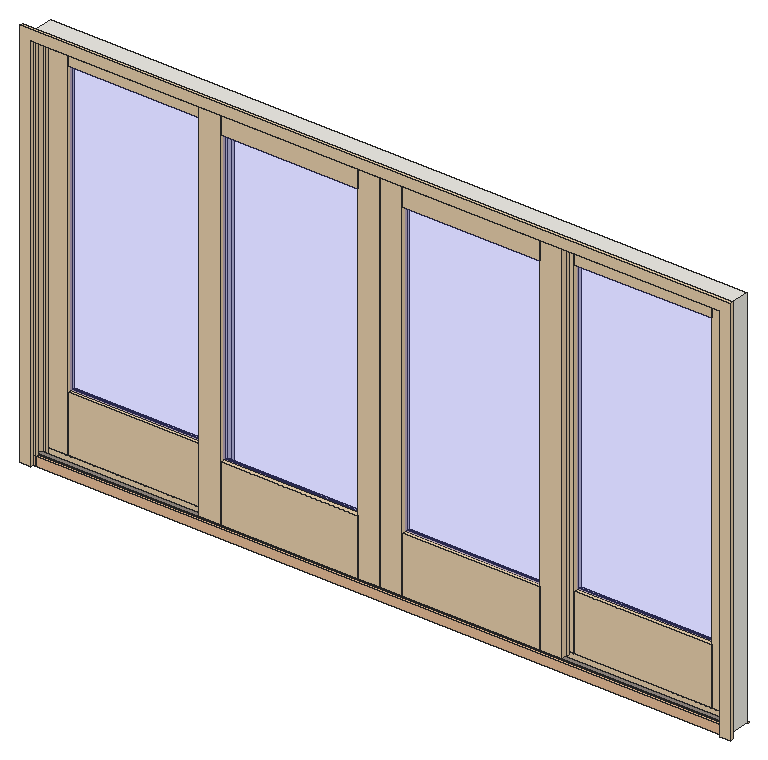
Revit family "Door-Gliding-Andersen-E_Series-Quad-no-Mullions", category Doors, host Wall, Revit 2019 (continued)
Definition of nested family "Gliding_Panel"
  Nested families (in)
    nested 4: "Andersen Grille Bar" at (0, 0.5, 17.54688) x (0, 0, 1) z (0, 1, 0), Bar Length <- "H DLO", visible <- "BS S H", Bar Width <- "Grille Bar Size", type "Andersen Grille Bar"
      with Glass / 2 0' - 0 3/16", Glass 0' - 0 3/4", Center Line Length 2' - 5 1/4", Center Line 2, Bar Width 0' - 0 7/8", Bar Length 2' - 5 1/4"
    nested 5: "Andersen Grille Bar" at (0, 0.5, 9.92969) x (0, 0, 1) z (0, 1, 0), Bar Length <- "H DLO", visible <- "BS M H", Bar Width <- "Grille Bar Size", type "Andersen Grille Bar"
      with Glass / 2 0' - 0 3/16", Glass 0' - 0 3/4", Center Line Length 2' - 5 1/4", Center Line 2, Bar Width 0' - 0 7/8", Bar Length 2' - 5 1/4"
    nested 6: "Andersen Grille Bar" at (0, 0.5, 42) x (-1, 0, 0) z (0, 1, 0), Bar Length <- "TS V Bar Length", visible <- "TS S V", Bar Width <- "Grille Bar Size", type "Andersen Grille Bar"
      with Glass / 2 0' - 0 3/16", Glass 0' - 0 3/4", Center Line Length 6' - 6 1/2", Center Line 2, Bar Width 0' - 0 7/8", Bar Length 6' - 6 1/2"
    nested 7: "Andersen Grille Bar" at (-5.02083, 0.5, 42) x (-1, 0, 0) z (0, 1, 0), Bar Length <- "TS V Bar Length", visible <- "TS M V", Bar Width <- "Grille Bar Size", type "Andersen Grille Bar"
      with Glass / 2 0' - 0 3/16", Glass 0' - 0 3/4", Center Line Length 6' - 6 1/2", Center Line 2, Bar Width 0' - 0 7/8", Bar Length 6' - 6 1/2"
    nested 8: "Andersen Grille Bar" at (5.02083, 0.5, 42) x (-1, 0, 0) z (0, 1, 0), Bar Length <- "TS V Bar Length", visible <- "TS M V", Bar Width <- "Grille Bar Size", type "Andersen Grille Bar"
      with Glass / 2 0' - 0 3/16", Glass 0' - 0 3/4", Center Line Length 6' - 6 1/2", Center Line 2, Bar Width 0' - 0 7/8", Bar Length 6' - 6 1/2"
    nested 9: "Andersen Grille Bar" at (0, 0.5, 17.54687) x (-1, 0, 0) z (0, 1, 0), Bar Length <- "BS V DLO", visible <- "BS S V", Bar Width <- "Grille Bar Size", type "Andersen Grille Bar"
      with Glass / 2 0' - 0 3/16", Glass 0' - 0 3/4", Center Line Length 2' - 5 19/32", Center Line 2, Bar Width 0' - 0 7/8", Bar Length 2' - 5 19/32"
    nested 10: "Andersen Grille Bar" at (-5.02083, 0.5, 17.54687) x (-1, 0, 0) z (0, 1, 0), Bar Length <- "BS V DLO", visible <- "BS M V", Bar Width <- "Grille Bar Size", type "Andersen Grille Bar"
      with Glass / 2 0' - 0 3/16", Glass 0' - 0 3/4", Center Line Length 2' - 5 19/32", Center Line 2, Bar Width 0' - 0 7/8", Bar Length 2' - 5 19/32"
    nested 11: "Andersen Grille Bar" at (5.02083, 0.5, 17.54687) x (-1, 0, 0) z (0, 1, 0), Bar Length <- "BS V DLO", visible <- "BS M V", Bar Width <- "Grille Bar Size", type "Andersen Grille Bar"
      with Glass / 2 0' - 0 3/16", Glass 0' - 0 3/4", Center Line Length 2' - 5 19/32", Center Line 2, Bar Width 0' - 0 7/8", Bar Length 2' - 5 19/32"
    nested 12: "Andersen Grille Bar" at (0, 0.5, 42) x (0, 0, 1) z (0, 1, 0), Bar Length <- "H DLO", visible <- "TS S H", Bar Width <- "Horizontal Craftsman Bar Size", type "Andersen Grille Bar"
      with Glass / 2 0' - 0 3/16", Glass 0' - 0 3/4", Center Line Length 2' - 5 1/4", Center Line 2, Bar Width 0' - 0 7/8", Bar Length 2' - 5 1/4"
    nested 13: "Andersen Grille Bar" at (0, 0.5, 42) x (0, 0, 1) z (0, 1, 0), Bar Length <- "H DLO", visible <- "TS S H Craftsman", Bar Width <- "Grille Bar Size", type "Andersen Grille Bar"
      with Glass / 2 0' - 0 3/16", Glass 0' - 0 3/4", Center Line Length 2' - 5 1/4", Center Line 2, Bar Width 0' - 0 7/8", Bar Length 2' - 5 1/4"
    nested 14: "Andersen Grille Bar" at (0, 0.5, 17.54687) x (0, 0, 1) z (0, 1, 0), Bar Length <- "H DLO", visible <- "BS M H", Bar Width <- "Grille Bar Size", type "Andersen Grille Bar"
      with Glass / 2 0' - 0 3/16", Glass 0' - 0 3/4", Center Line Length 2' - 5 1/4", Center Line 2, Bar Width 0' - 0 7/8", Bar Length 2' - 5 1/4"
  Definition of nested family "Andersen Grille Bar"
    Parameters
      Interior Bar Visibility = yes
      Interior Bar Material = none
      Glass / 2 [instance] = (Glass / 2) - 0' 0 3/16"  # 0' - 0 1/8"
      Glass [instance] = 0' - 0 5/8"
      Exterior Bar Visibility = yes
      Exterior Bar Finish = none
      Default Elevation = 4' - 0"
      Center Line Length [instance] = if(Center Line = 1, Bar Length + (Bar Width / 2), Bar Length)  # 0' - 4 7/16"
      Center Line [instance] = 1
      Between Glass Bar Visibility = yes
      Between Glass Bar Finish = none
      Bar Width [instance] = 0' - 0 7/8"
      Bar Length [instance] = 0' - 4"
    Reference planes (in)
      plane 1 "Center (Front/Back)": y = 0
      plane 2 "a": z = 0
      plane 3 "Center (Left/Right)": x = 0
      plane 4 "1": x = -0.4375
      plane 5 "2": x = 0.4375
      plane 6: y = 2
      plane 7: y = -2
      plane 8 "b": z = -0.625
      plane 9: z = -0.125
      plane 10: y = -2.4375
      plane 11 "a1": z = 12
      plane 12 "a2": z = -12
    Forms (in)
      Extrusion 1, solid
        sketch origin (0, 0, 0) x (1, 0, 0) y (0, 1, 0)
          loop
            line (-48, 48) -> (-48, -48) -> (48, -48) -> (48, 48) -> (-48, 48)
        from 0 to -12
      Extrusion 2, solid, material <- "Exterior Bar Finish", visible <- "Exterior Bar Visibility", detail levels fine
        sketch origin (0, 0, 0) x (1, 0, 0) y (0, 1, 0)
          loop
            line (-0.4375, 2) -> (-0.4375, -2) -> (0.4375, -2) -> (0.4375, 2) -> (-0.4375, 2)
        from 0 to 0.375
      Extrusion 3, solid, material <- "Between Glass Bar Finish", visible <- "Between Glass Bar Visibility", detail levels fine
        sketch origin (0, 0, 0) x (1, 0, 0) y (0, 1, 0)
          loop
            line (-0.4375, 2) -> (-0.4375, -2) -> (0.4375, -2) -> (0.4375, 2) -> (-0.4375, 2)
        from -0.5 to -0.125
      Extrusion 4, solid, material <- "Interior Bar Material", visible <- "Interior Bar Visibility", detail levels fine
        sketch origin (0, 0, 0) x (1, 0, 0) y (0, 1, 0)
          loop
            line (-0.4375, 2) -> (-0.4375, -2) -> (0.4375, -2) -> (0.4375, 2) -> (-0.4375, 2)
        from -1 to -0.625
    Lines and regions (in)
      model lines, detail levels coarse+medium
        curve 1: line (0, 2, 0) -> (0, -2.4375, 0)
      symbolic lines, detail levels coarse+medium
        curve 2: line (0, 2, 12) -> (0, -2.4375, 12)
        curve 3: line (0, 2, -12) -> (0, -2.4375, -12)
      model lines, not visible, detail levels coarse
        curve 4: line (0, 0, 12) -> (0, 0, -12)
      symbolic lines, detail levels fine
        curve 5: line (-0.4375, 2, 0) -> (-0.4375, -2, 0)
        curve 6: line (0.4375, 2, 0) -> (0.4375, -2, 0)
    Dimensions and locks (in)
      "Glass": plane 2 "a" to plane 8 "b"
      "Glass / 2": plane 2 "a" to plane 9
      locked: Extrusion 2 to Extrusion 2 at 0.375
      locked: plane 9 to Extrusion 3 at 0.375
      locked: plane 8 "b" to Extrusion 4 at 0.375
      equal spacing: plane 4 "1", plane 3 "Center (Left/Right)", plane 5 "2"
      equal spacing: plane 6, plane 1 "Center (Front/Back)", plane 7
      "Bar Width": plane 4 "1" to plane 5 "2"
      "Bar Length": plane 6 to plane 7
      "Center Line Length": plane 6 to plane 10
      locked: plane 11 "a1" to plane 2 "a" at 12
      locked: plane 2 "a" to plane 12 "a2" at 12
      aligned and locked: plane 2 "a" to Extrusion 1
      aligned and locked: level to Extrusion 1
      aligned and locked: Extrusion 2 to plane 2 "a"
      aligned and locked: Extrusion 2 to plane 4 "1"
      aligned and locked: plane 5 "2" to Extrusion 2
      aligned and locked: plane 6 to Extrusion 2
      aligned and locked: Extrusion 2 to plane 7
      aligned and locked: plane 9 to Extrusion 3
      aligned and locked: Extrusion 3 to plane 4 "1"
      aligned and locked: plane 5 "2" to Extrusion 3
      aligned and locked: plane 6 to Extrusion 3
      aligned and locked: Extrusion 3 to plane 7
      aligned and locked: plane 8 "b" to Extrusion 4
      aligned and locked: Extrusion 4 to plane 4 "1"
      aligned and locked: plane 5 "2" to Extrusion 4
      aligned and locked: plane 6 to Extrusion 4
      aligned and locked: Extrusion 4 to plane 7
      aligned and locked: plane 6 to curve 1
      aligned and locked: plane 10 to curve 1
      aligned and locked: curve 1 to plane 3 "Center (Left/Right)"
      aligned and locked: plane 6 to curve 2
      aligned and locked: plane 10 to curve 2
      aligned and locked: curve 2 to plane 3 "Center (Left/Right)"
      aligned and locked: plane 6 to curve 3
      aligned and locked: plane 10 to curve 3
      aligned and locked: curve 3 to plane 3 "Center (Left/Right)"
      aligned and locked: plane 11 "a1" to curve 4
      aligned and locked: plane 12 "a2" to curve 4
      aligned and locked: curve 4 to plane 1 "Center (Front/Back)"
      aligned and locked: plane 6 to curve 5
      aligned and locked: plane 6 to curve 6
      aligned and locked: plane 7 to curve 6
      aligned and locked: plane 7 to curve 5
      aligned and locked: curve 5 to plane 4 "1"
      aligned and locked: curve 6 to plane 5 "2"
    Automatic sketch dimensions
      Extrusion 1 sketch curve to Extrusion 1 sketch curve = 8' - 0"  (x2)
      plane 7 to Extrusion 2 sketch curve = 0' - 0"
      Extrusion 2 sketch curve to plane 5 "2" = 0' - 0 7/8"
      Extrusion 2 sketch curve to plane 6 = 0' - 0"
      Extrusion 2 sketch curve to Extrusion 2 sketch curve = 0' - 0 7/8"
      plane 7 to Extrusion 3 sketch curve = 0' - 0"
      Extrusion 3 sketch curve to plane 5 "2" = 0' - 0 7/8"
      Extrusion 3 sketch curve to plane 6 = 0' - 0"
      Extrusion 3 sketch curve to Extrusion 3 sketch curve = 0' - 0 7/8"
      Extrusion 4 sketch curve to plane 7 = 0' - 0"
      Extrusion 4 sketch curve to plane 5 "2" = 0' - 0 7/8"
      Extrusion 4 sketch curve to plane 6 = 0' - 0"
      Extrusion 4 sketch curve to Extrusion 4 sketch curve = 0' - 0 7/8"
Types (11): name | Rough Width | Rough Height | Masonry Width | Masonry Height | LWide | . . Lights Wide | . . Top Light Lights High | . . Bottom Light Lights High | Interior Grille Bar Visibility | Exterior Grille Bar Visibility | Between Glass Grille Bar Visibility | VGB DLO | V Bars | TS V DLO | TS V Bar Length | TS SH DLO | TS HGB DLO | TS H Bars | Panel Width | Panel Height | H DLO | Height | Width | Designation | CTRL Height | BS V DLO | BS SH DLO | BS S H
  9' 10-1/4" x 6' 8" | 9' - 10 3/4" | 6' - 8 1/2" | 9' - 10 3/4" | 6' - 8 1/2" | 3 | 3 | 5 | 1 | yes | yes | yes | 2' - 10.83333" | 2 | 5' - 8" | 5' - 8" | 3' - 4" | 1' - 0.9" | 4 | 2' - 7 3/16" | 6' - 4 7/8" | 8' - 10 1/4" | 6' - 8" | 9' - 10 1/4" | "4PGP10068" | 6' - 8" | 5' - 8" | 3' - 4" | no
  9' 10-1/4" x 6' 10" | 9' - 10 3/4" | 6' - 10 1/2" | 9' - 10 3/4" | 6' - 10 1/2" | 3 | 3 | 5 | 1 | yes | yes | yes | 2' - 10.83333" | 2 | 5' - 10" | 5' - 10" | 3' - 5" | 1' - 1.3" | 4 | 2' - 7 3/16" | 6' - 6 7/8" | 8' - 10 1/4" | 6' - 10" | 9' - 10 1/4" | "4PGP100610" | 6' - 10" | 5' - 10" | 3' - 5" | no
  9' 10-1/4" x 8' 0" | 9' - 10 3/4" | 8' - 0 1/2" | 9' - 10 3/4" | 8' - 0 1/2" | 3 | 3 | 6 | 1 | yes | yes | yes | 2' - 10.83333" | 2 | 7' - 0" | 7' - 0" | 4' - 0" | 1' - 1.27083" | 5 | 2' - 7 3/16" | 7' - 8 7/8" | 8' - 10 1/4" | 8' - 0" | 9' - 10 1/4" | "4PGP10080" | 8' - 0" | 7' - 0" | 4' - 0" | no
  11' 10-1/4" x 6' 8" | 11' - 10 3/4" | 6' - 8 1/2" | 11' - 10 3/4" | 6' - 8 1/2" | 3 | 3 | 5 | 1 | yes | yes | yes | 3' - 6.83333" | 2 | 5' - 8" | 5' - 8" | 3' - 4" | 1' - 0.9" | 4 | 3' - 1 3/16" | 6' - 4 7/8" | 10' - 10 1/4" | 6' - 8" | 11' - 10 1/4" | "4PGP12068" | 6' - 8" | 5' - 8" | 3' - 4" | no
  11' 10-1/4" x 6' 10" | 11' - 10 3/4" | 6' - 10 1/2" | 11' - 10 3/4" | 6' - 10 1/2" | 3 | 3 | 5 | 1 | yes | yes | yes | 3' - 6.83333" | 2 | 5' - 10" | 5' - 10" | 3' - 5" | 1' - 1.3" | 4 | 3' - 1 3/16" | 6' - 6 7/8" | 10' - 10 1/4" | 6' - 10" | 11' - 10 1/4" | "4PGP120610" | 6' - 10" | 5' - 10" | 3' - 5" | no
  11' 10-1/4" x 8' 0" | 11' - 10 3/4" | 8' - 0 1/2" | 11' - 10 3/4" | 8' - 0 1/2" | 3 | 3 | 6 | 1 | yes | yes | yes | 3' - 6.83333" | 2 | 7' - 0" | 7' - 0" | 4' - 0" | 1' - 1.27083" | 5 | 3' - 1 3/16" | 7' - 8 7/8" | 10' - 10 1/4" | 8' - 0" | 11' - 10 1/4" | "4PGP12080" | 8' - 0" | 7' - 0" | 4' - 0" | no
  15' 10-1/4" x 6' 8" | 15' - 10 3/4" | 6' - 8 1/2" | 15' - 10 3/4" | 6' - 8 1/2" | 4 | 4 | 5 | 1 | yes | yes | yes | 3' - 7 29/32" | 3 | 5' - 8" | 5' - 8" | 3' - 4" | 1' - 0.9" | 4 | 4' - 1 3/16" | 6' - 4 7/8" | 14' - 10 1/4" | 6' - 8" | 15' - 10 1/4" | "4PGP16068" | 6' - 8" | 5' - 8" | 3' - 4" | no
  15' 10-1/4" x 6' 10" | 15' - 10 3/4" | 6' - 10 1/2" | 15' - 10 3/4" | 6' - 10 1/2" | 4 | 4 | 5 | 1 | yes | yes | yes | 3' - 7 29/32" | 3 | 5' - 10" | 5' - 10" | 3' - 5" | 1' - 1.3" | 4 | 4' - 1 3/16" | 6' - 6 7/8" | 14' - 10 1/4" | 6' - 10" | 15' - 10 1/4" | "4PGP160610" | 6' - 10" | 5' - 10" | 3' - 5" | no
  15' 10-1/4" x 8' 0" | 15' - 10 3/4" | 8' - 0 1/2" | 15' - 10 3/4" | 8' - 0 1/2" | 4 | 4 | 6 | 1 | yes | yes | yes | 3' - 7 29/32" | 3 | 7' - 0" | 7' - 0" | 4' - 0" | 1' - 1.27083" | 5 | 4' - 1 3/16" | 7' - 8 7/8" | 14' - 10 1/4" | 8' - 0" | 15' - 10 1/4" | "4PGP16080" | 8' - 0" | 7' - 0" | 4' - 0" | no
  12'-4" x 6'-10" | 12' - 4 1/2" | 6' - 10 1/2" | 12' - 4 1/2" | 6' - 10 1/2" | 3 | 3 | 5 | 1 | no | no | no | 3' - 8 3/4" | 2 | 5' - 10" | 5' - 10" | 3' - 5" | 1' - 1.3" | 4 | 3' - 2 5/8" | 6' - 6 7/8" | 11' - 4" | 6' - 10" | 12' - 4" | "4PGP120610" | 6' - 10" | 5' - 10" | 3' - 5" | no
  Door-Gliding-Andersen-E_Series-Quad | 9' - 11" | 6' - 8 1/2" | 9' - 11" | 6' - 8 1/2" | 3 | 3 | 5 | 2 | yes | yes | yes | 2' - 10.91667" | 2 | 5' - 8" | 5' - 8" | 3' - 4" | 1' - 0.9" | 4 | 2' - 7 1/4" | 6' - 4 7/8" | 8' - 10 1/2" | 6' - 8" | 9' - 10 1/2" | "GD" | 6' - 8" | 5' - 8" | 3' - 4" | yes
